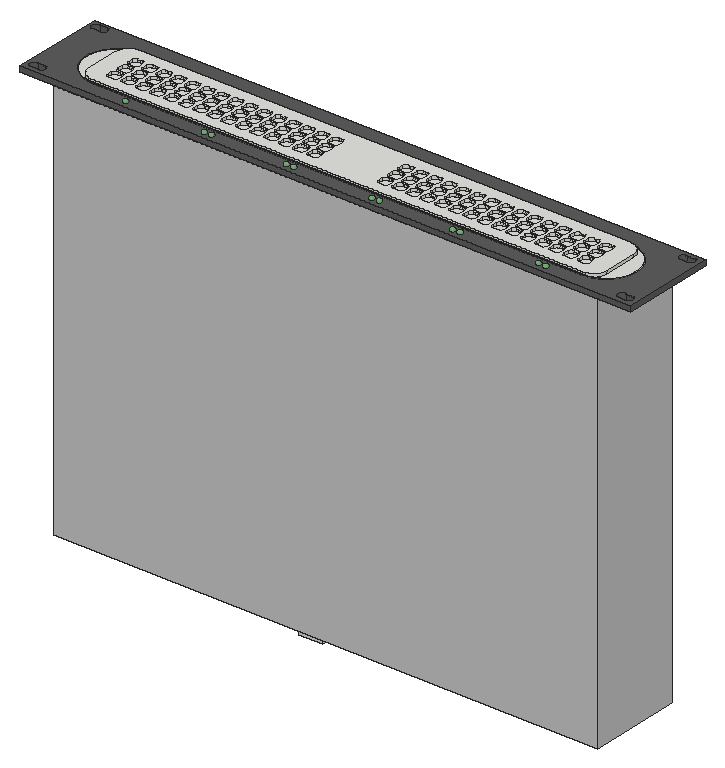
Revit family "Electronics_Vocia_Biamp_Amplifier_VA-4030", category Communication Devices, host Face, Revit 2020 (continued)
Lines and regions (mm)
  Masking region 1, detail levels coarse
    outline origin (0, 0, 0) x (1, 0, 0) y (0, 1, 0)
      loop
        line (-10, 5.728) -> (-10, -76.772) -> (533, -76.772) -> (533, 5.728) -> (-10, 5.728)
      loop
        arc (525.968, -2.538) -> (528.506, 0) -> (525.968, 2.538) r 2.538
        line (525.968, 2.538) -> (520.032, 2.538)
        arc (520.032, 2.538) -> (517.494, 0) -> (520.032, -2.538) r 2.538
        line (520.032, -2.538) -> (525.968, -2.538)
      loop
        line (525.968, -68.505) -> (520.032, -68.505)
        arc (520.032, -68.505) -> (517.494, -71.043) -> (520.032, -73.581) r 2.538
        line (520.032, -73.581) -> (525.968, -73.581)
        arc (525.968, -73.581) -> (528.506, -71.043) -> (525.968, -68.505) r 2.538
      loop
        line (2.968, 2.538) -> (-2.968, 2.538)
        arc (-2.968, 2.538) -> (-5.506, 0) -> (-2.968, -2.538) r 2.538
        line (-2.968, -2.538) -> (2.968, -2.538)
        arc (2.968, -2.538) -> (5.506, 0) -> (2.968, 2.538) r 2.538
      loop
        line (2.968, -68.505) -> (-2.968, -68.505)
        arc (-2.968, -68.505) -> (-5.506, -71.043) -> (-2.968, -73.581) r 2.538
        line (-2.968, -73.581) -> (2.968, -73.581)
        arc (2.968, -73.581) -> (5.506, -71.043) -> (2.968, -68.505) r 2.538
  Masking region 2, detail levels medium+fine
    outline origin (0, 0, 0) x (1, 0, 0) y (0, 1, 0)
      loop
        line (-10, 5.728) -> (-10, -76.772) -> (533, -76.772) -> (533, 5.728) -> (-10, 5.728)
      loop
        arc (525.968, -2.538) -> (528.506, 0) -> (525.968, 2.538) r 2.538
        line (525.968, 2.538) -> (520.032, 2.538)
        arc (520.032, 2.538) -> (517.494, 0) -> (520.032, -2.538) r 2.538
        line (520.032, -2.538) -> (525.968, -2.538)
      loop
        line (525.968, -68.505) -> (520.032, -68.505)
        arc (520.032, -68.505) -> (517.494, -71.043) -> (520.032, -73.581) r 2.538
        line (520.032, -73.581) -> (525.968, -73.581)
        arc (525.968, -73.581) -> (528.506, -71.043) -> (525.968, -68.505) r 2.538
      loop
        line (2.968, 2.538) -> (-2.968, 2.538)
        arc (-2.968, 2.538) -> (-5.506, 0) -> (-2.968, -2.538) r 2.538
        line (-2.968, -2.538) -> (2.968, -2.538)
        arc (2.968, -2.538) -> (5.506, 0) -> (2.968, 2.538) r 2.538
      loop
        line (2.968, -68.505) -> (-2.968, -68.505)
        arc (-2.968, -68.505) -> (-5.506, -71.043) -> (-2.968, -73.581) r 2.538
        line (-2.968, -73.581) -> (2.968, -73.581)
        arc (2.968, -73.581) -> (5.506, -71.043) -> (2.968, -68.505) r 2.538
      loop
        line (478.403, -9.422) -> (44.597, -9.422)
        arc (44.597, -9.422) -> (17.097, -36.922) -> (44.597, -64.422) r 27.5
        line (44.597, -64.422) -> (478.403, -64.422)
        arc (478.403, -64.422) -> (505.903, -36.922) -> (478.403, -9.422) r 27.5
  Masking region 3, detail levels medium+fine
    outline origin (0, 0, 0) x (1, 0, 0) y (0, 1, 0)
      loop
        arc (44.597, -9.422) -> (17.097, -36.922) -> (44.597, -64.422) r 27.5
        line (44.597, -64.422) -> (478.403, -64.422)
        arc (478.403, -64.422) -> (505.903, -36.922) -> (478.403, -9.422) r 27.5
        line (478.403, -9.422) -> (44.597, -9.422)
  Masking region 4
    outline origin (0, 0, 0) x (1, 0, 0) y (0, 0, 1)
      loop
        line (-10, 0) -> (-10, -5) -> (533, -5) -> (533, 0) -> (-10, 0)
  Masking region 5
    outline origin (0, 0, 0) x (1, 0, 0) y (0, 0, 1)
      loop
        line (20, -5) -> (20, -361) -> (503, -361) -> (503, -5) -> (20, -5)
Dimensions and locks
  aligned and locked: plane 2 to host face
  aligned and locked: level to host face
Connectors
  electrical at (445.611, -29.433, -346.814), driven by "Number of Poles", driven by "Voltage", driven by "Apparent Load", driven by "Power Factor", driven by "Connector Description"
    settings: on cut or joined group of Extrusion 1, Extrusion 6, index 1, voltage 240 V, apparent load 120 VA, apparent load phase1 0 VA, apparent load phase2 0 VA, apparent load phase3 0 VA, power factor 1, load classification "Other", number of poles 1, system type 30, power factor state 1, is connector primary yes, connector utility no, sub classification motor no, connector description "100-240 VAC, 50/60 Hz"
  electrical at (380.266, -60.955, -346.814)
    settings: on cut or joined group of Extrusion 1, Extrusion 6, index 2, voltage 0 V, apparent load 0 VA, apparent load phase1 0 VA, apparent load phase2 0 VA, apparent load phase3 0 VA, power factor 1, load classification "Other", number of poles 1, system type 5, power factor state 1, is connector primary no, connector utility no, sub classification motor no, connector description "RJ-45; Primary"
  electrical at (367.477, -60.955, -346.814)
    settings: on cut or joined group of Extrusion 1, Extrusion 6, index 3, voltage 0 V, apparent load 0 VA, apparent load phase1 0 VA, apparent load phase2 0 VA, apparent load phase3 0 VA, power factor 1, load classification "Other", number of poles 1, system type 5, power factor state 1, is connector primary no, connector utility no, sub classification motor no, connector description "RJ-45; Secondary"
  electrical at (317.509, -67.464, -346.814)
    settings: on cut or joined group of Extrusion 1, Extrusion 6, index 4, voltage 0 V, apparent load 0 VA, apparent load phase1 0 VA, apparent load phase2 0 VA, apparent load phase3 0 VA, power factor 1, load classification "Other", number of poles 1, system type 5, power factor state 1, is connector primary no, connector utility no, sub classification motor no, connector description "Page Active Relay 4"
  electrical at (299.721, -67.464, -346.814)
    settings: on cut or joined group of Extrusion 1, Extrusion 6, index 5, voltage 0 V, apparent load 0 VA, apparent load phase1 0 VA, apparent load phase2 0 VA, apparent load phase3 0 VA, power factor 1, load classification "Other", number of poles 1, system type 5, power factor state 1, is connector primary no, connector utility no, sub classification motor no, connector description "Page Active Relay 3"
  electrical at (242.44, -63.2, -369)
    settings: on Extrusion 7, index 6, voltage 0 V, apparent load 0 VA, apparent load phase1 0 VA, apparent load phase2 0 VA, apparent load phase3 0 VA, power factor 1, load classification "Other", number of poles 1, system type 5, power factor state 1, is connector primary no, connector utility no, sub classification motor no, connector description "Failover"
  electrical at (207.838, -51.78, -369)
    settings: on Extrusion 7, index 7, voltage 0 V, apparent load 0 VA, apparent load phase1 0 VA, apparent load phase2 0 VA, apparent load phase3 0 VA, power factor 1, load classification "Other", number of poles 1, system type 5, power factor state 1, is connector primary no, connector utility no, sub classification motor no, connector description "Output 4"
  electrical at (167.938, -51.78, -369)
    settings: on Extrusion 7, index 8, voltage 0 V, apparent load 0 VA, apparent load phase1 0 VA, apparent load phase2 0 VA, apparent load phase3 0 VA, power factor 1, load classification "Other", number of poles 1, system type 5, power factor state 1, is connector primary no, connector utility no, sub classification motor no, connector description "Output 3"
  electrical at (97.938, -51.78, -369)
    settings: on Extrusion 7, index 9, voltage 0 V, apparent load 0 VA, apparent load phase1 0 VA, apparent load phase2 0 VA, apparent load phase3 0 VA, power factor 1, load classification "Other", number of poles 1, system type 5, power factor state 1, is connector primary no, connector utility no, sub classification motor no, connector description "Output 2"
  electrical at (58.038, -51.78, -369)
    settings: on Extrusion 7, index 10, voltage 0 V, apparent load 0 VA, apparent load phase1 0 VA, apparent load phase2 0 VA, apparent load phase3 0 VA, power factor 1, load classification "Other", number of poles 1, system type 5, power factor state 1, is connector primary no, connector utility no, sub classification motor no, connector description "Output 1"
  electrical at (281.933, -67.464, -346.814)
    settings: on cut or joined group of Extrusion 1, Extrusion 6, index 11, voltage 0 V, apparent load 0 VA, apparent load phase1 0 VA, apparent load phase2 0 VA, apparent load phase3 0 VA, power factor 1, load classification "Other", number of poles 1, system type 5, power factor state 1, is connector primary no, connector utility no, sub classification motor no, connector description "Page Active Relay 2"
  electrical at (264.145, -67.464, -346.814)
    settings: on cut or joined group of Extrusion 1, Extrusion 6, index 12, voltage 0 V, apparent load 0 VA, apparent load phase1 0 VA, apparent load phase2 0 VA, apparent load phase3 0 VA, power factor 1, load classification "Other", number of poles 1, system type 5, power factor state 1, is connector primary no, connector utility no, sub classification motor no, connector description "Page Active Relay 1"
